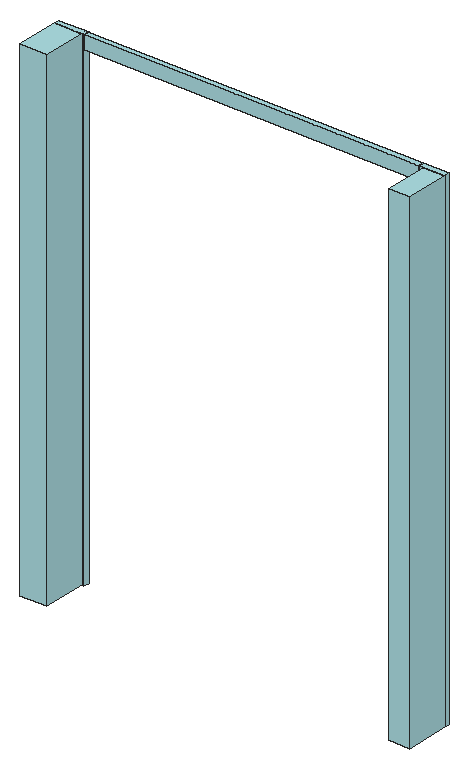
Revit family "Витраж_четверть_расшир. 2710", category Окна, Revit 2021
Family settings
  Основа = Стена
  Номер OmniClass = 23.30.20.00
  Заголовок OmniClass = Windows
  Всегда вертикально = Да
  При загрузке вырезать с полостями = Нет
  Общий = Нет
  Точка принадлежности помещению = Нет
Parameters (values of type "2710x3765")
  Четверь_ширина = 95 mm
  Четверь сверху_ширина = 75 mm
  Четверть_глубина [instance] = 60 mm
  Утепл_02_ширина_Справа = 270 mm
  Утепл_02_ширина = 225 mm
  Утепл_02_Отступ от внутреннего края = 90 mm
  Утепл_01_ширина_Справа = 290 mm
  Утепл_01_ширина = 260 mm
  Утепл_01_глубина = 40 mm
  Утепл_01_Смещение = 0 mm
  Утепл_01_Высота = 103 mm
  Проем_Ширина = 2900 mm
  Проем_Высота = 3690 mm
  Примерная ширина внутр проема = 2190 mm
  Rough Width = 2650 mm
  Rough Height = 3660 mm
  Поротерм_толщина = 250 mm
  Откос_толщина = 10 mm
  Определить тепловые свойства по = Тип схем
  Нащельник_справа = 240 mm
  Нащельник_глубина полки = 20 mm
  Нащельник_Ширина_полки = 28.5 mm
  Нащельник_Толщина = 2 mm
  Нащельник_Смещение_Сбоку = 210 mm
  Мат_Утепл_02 = BRU_Минераловатная плита ТехноБлок 80
  Мат_Утепл_01 = BRU_Минераловатная плита ТехноБлок 80
  Мат_Откос = Кирпич, бежевый
  Мат_Нащелник = none
  Группа модели = "Элемент фасада"
  Height = Rough Height + Утепл_01_Высота - Утепл_01_Смещение + Нащельник_Толщина  # 3765 mm
  Высота подоконника по умолчанию = 0 mm
  Замыкание стены = По основе
  Width = Rough Width + Утепл_02_ширина * 2  # 3100 mm
  Внутренний_проем_Ширина = 0 mm
  Вид_Откос = no
  Вид_Нащ_СО = Вид_Откос  # no
  Вид_Нащ_БО = not(Вид_Откос)  # yes
  Аналитическая конструкция = "<Нет>"
  ADSK_Толщина стены [instance] = 460 mm
  ADSK_Размер_Ширина = Примерная ширина внутр проема + (Утепл_02_ширина - Четверь_ширина) * 4  # 2710 mm
  ADSK_Размер_Высота = Height  # 3765 mm
Reference planes
  plane 1 "По центру (Вперед/Назад)": y = 0
  plane 2 "По центру (Влево/Вправо)": x = 0
  plane 3 "Слева": x = -1550
  plane 4 "Справа": x = 1550
  plane 5 "Подоконник": z = 0
  plane 6 "Заголовок": z = 3765
  plane 7 "Наружный": y = 230
  plane 8 "Внутренние": y = -230
  plane 9: x = -1455
  plane 10: x = 1455
  plane 11: z = 3690
  plane 12: y = 80
  plane 13: x = -1445
  plane 14: x = 1445
  plane 15: z = 3680
  plane 16: y = 290
  plane 17: x = 0
  plane 18: x = 0
  plane 19: y = -480
  plane 20: z = 3662
  plane 21: y = 230
  plane 22: y = -140
  plane 23 "Нащельник слева": x = 1340
  plane 24 "Нащельник справа": x = -1310
  plane 25: x = -1280
  plane 26: x = -1260
  plane 27: x = -1310
  plane 28: x = -1340
Forms (mm)
  Extrusion 1, void
    sketch origin (0, 230, 0) x (1, 0, 0) y (0, 0, 1)
      loop
        line (1485, 3765) -> (-1485, 3765) -> (-1485, 0) -> (1485, 0) -> (1485, 3765)
    from 0 to 460
  Extrusion 2, void
    sketch origin (0, 230, 0) x (1, 0, 0) y (0, 0, 1)
      loop
        line (1455, 3690) -> (-1455, 3690) -> (-1455, 0) -> (1455, 0) -> (1455, 3690)
    from -60 to 460
  Extrusion 3, solid, material "Кирпич, бежевый" <- "Мат_Откос", visible <- "Вид_Откос"
    sketch origin (0, 230, 0) x (1, 0, 0) y (0, 0, 1)
      loop
        line (1455, 3690) -> (-1455, 3690) -> (-1455, 0) -> (-1445, 0) -> (-1445, 3680) -> (1445, 3680) -> (1445, 0) -> (1455, 0) -> (1455, 3690)
    from -60 to 0
  Extrusion 4, solid, material "BRU_Минераловатная плита ТехноБлок 80" <- "Мат_Утепл_01"
    sketch origin (0, 0, 0) x (1, 0, 0) y (0, 1, 0)
      loop
        line (1290, 230) -> (1290, 190) -> (1485, 190) -> (1485, 230) -> (1290, 230)
      loop
        line (-1485, 230) -> (-1485, 190) -> (-1260, 190) -> (-1260, 230) -> (-1485, 230)
    from 0 to 3765
  Extrusion 5, solid, material "BRU_Минераловатная плита ТехноБлок 80" <- "Мат_Утепл_02"
    sketch origin (0, 0, 0) x (1, 0, 0) y (0, 1, 0)
      loop
        line (1325, 190) -> (1325, -140) -> (1485, -140) -> (1485, 190) -> (1325, 190)
      loop
        line (-1485, 190) -> (-1485, -140) -> (-1280, -140) -> (-1280, 190) -> (-1485, 190)
    from 0 to 3765
  Extrusion 6, solid, material "BRU_Минераловатная плита ТехноБлок 80" <- "Мат_Утепл_01"
    sketch origin (0, 0, 0) x (1, 0, 0) y (0, 1, 0)
      loop
        line (-1290, 190) -> (1290, 190) -> (1290, 230) -> (-1290, 230) -> (-1290, 190)
    from 3662 to 3765
  Sweep 7, solid, material <- "Мат_Нащелник", visible <- "Вид_Нащ_СО"
    path origin (0, 230, 0) x (1, 0, 0) y (0, 0, 1)
      loop
        line (1445, 0) -> (1445, 3680) -> (-1445, 3680) -> (-1445, 0)
    profile origin (1445, 230, 1840) x (-1, 0, 0) y (0, -1, 0)
      loop
        line (28.5, 0) -> (0, 0) -> (0, -20) -> (2, -20) -> (2, -2) -> (28.5, -2) -> (28.5, 0)
  Sweep 8, solid, material <- "Мат_Нащелник", visible <- "Вид_Нащ_БО"
    path origin (0, 230, 0) x (1, 0, 0) y (0, 0, 1)
      loop
        line (1340, 0) -> (1340, 3690) -> (-1310, 3690) -> (-1310, 0)
    profile origin (1340, 230, 1845) x (-1, 0, 0) y (0, -1, 0)
      loop
        line (0, 0) -> (0, -20) -> (2, -20) -> (2, -2) -> (28.5, -2) -> (28.5, 0) -> (0, 0)
  Extrusion 9, void
    sketch origin (0, 230, 0) x (1, 0, 0) y (0, 0, 1)
      loop
        line (1416.5, 3565) -> (1416.5, 3662) -> (-1416.5, 3662) -> (-1416.5, 3565) -> (1416.5, 3565)
    from -60 to 710
Cuts and joins
  Extrusion 9 cuts Sweep 7
  Extrusion 9 cuts Sweep 8
Text (mm)
  text "Наружный" at (-1963.203, 1332.353, 0), in view "Опорный уровень"
  text "Внутренние" at (-1981.466, -818.386, 0), in view "Опорный уровень"
  text "Наружный" at (0, 701.548, 2943.296), in view "Справа"
  text "Наружный" at (0, 1241.896, 2685.409), in view "Слева"
Dimensions and locks
  equal spacing: plane 3 "Слева", plane 2 "По центру (Влево/Вправо)", plane 4 "Справа"
  "Width": plane 3 "Слева" to plane 4 "Справа"
  "Height": plane 5 "Подоконник" to plane 6 "Заголовок"
  "Высота подоконника по умолчанию": plane 5 "Подоконник" to level
  locked: plane 7 "Наружный" to host wall
  locked: plane 8 "Внутренние" to host wall
  "Четверь_ширина": plane 3 "Слева" to plane 9
  "Четверь_ширина": plane 10 to plane 4 "Справа"
  "Четверь сверху_ширина": plane 11 to plane 6 "Заголовок"
  "Четверть_глубина": plane 7 "Наружный" to plane 16
  "Откос_толщина": plane 14 to plane 10
  "Откос_толщина": plane 9 to plane 13
  "Откос_толщина": plane 15 to plane 11
  "ADSK_Толщина стены": plane 8 "Внутренние" to plane 7 "Наружный"
  equal spacing: plane 17, plane 2 "По центру (Влево/Вправо)", plane 18
  "Поротерм_толщина": plane 19 to plane 8 "Внутренние"
  "Утепл_01_глубина": Extrusion 4 sketch curve to plane 21  (x2)
  "Утепл_01_ширина": Extrusion 4 sketch curve to plane 4 "Справа"
  "Утепл_01_глубина": Extrusion 5 sketch curve to plane 21  (x2)
  "Утепл_02_ширина": Extrusion 5 sketch curve to plane 4 "Справа"
  "Утепл_01_ширина": plane 3 "Слева" to Extrusion 6 sketch curve
  "Утепл_01_ширина": Extrusion 6 sketch curve to plane 4 "Справа"
  "Утепл_01_глубина": Extrusion 6 sketch curve to plane 21
  "Утепл_01_Высота": plane 20 to plane 6 "Заголовок"
  "Утепл_01_Смещение": plane 21 to plane 7 "Наружный"
  "Нащельник_Толщина": Sweep 7 sketch curve to plane 21
  "Нащельник_Толщина": Sweep 7 sketch curve to profile plane
  "Нащельник_Ширина_полки": Sweep 7 sketch curve to profile plane
  "Нащельник_глубина полки": Sweep 7 sketch curve to plane 21
  "Нащельник_Ширина_полки": Extrusion 9 sketch curve to plane 14
  "Нащельник_Ширина_полки": plane 13 to Extrusion 9 sketch curve
  locked: Extrusion 9 sketch curve to plane 6 "Заголовок" at 200
  "Утепл_02_Отступ от внутреннего края": plane 8 "Внутренние" to plane 22
  "Внутренний_проем_Ширина": plane 17 to plane 18
  Extrusion 5 to Extrusion 5 = 2970 mm  (x3)
  plane 3 "Слева" to Extrusion 5 = 65 mm
  Extrusion 5 to plane 4 "Справа" = 65 mm
  Extrusion 5 to Extrusion 5 = 2605 mm
  Extrusion 5 to Extrusion 2 to Extrusion 5 = 30 mm, 175 mm
  "Нащельник_Смещение_Сбоку": plane 23 "Нащельник слева" to plane 4 "Справа"
  "Нащельник_справа": plane 3 "Слева" to plane 24 "Нащельник справа"
  "Нащельник_Толщина": Sweep 8 sketch curve to plane 23 "Нащельник слева"
  "Нащельник_Ширина_полки": Sweep 8 sketch curve to plane 23 "Нащельник слева"
  "Нащельник_Толщина": profile plane to Sweep 8 sketch curve
  "Нащельник_глубина полки": profile plane to Sweep 8 sketch curve
  "Утепл_02_ширина_Справа": plane 3 "Слева" to Extrusion 5 sketch curve
  "Утепл_01_ширина_Справа": plane 3 "Слева" to Extrusion 4 sketch curve
  "Проем_Высота": nested 1 to Extrusion 3
  nested 1 to plane 2 "По центру (Влево/Вправо)" to nested 1 = 1340 mm, 1340 mm
  aligned and locked: Extrusion 1 sketch curve to plane 6 "Заголовок"
  aligned and locked: plane 5 "Подоконник" to Extrusion 1 sketch curve
  aligned and locked: Extrusion 2 sketch curve to plane 11
  aligned and locked: Extrusion 2 sketch curve to plane 10
  aligned and locked: plane 5 "Подоконник" to Extrusion 2 sketch curve
  aligned and locked: Extrusion 2 sketch curve to plane 9
  aligned and locked: plane 8 "Внутренние" to Extrusion 2
  aligned and locked: Extrusion 3 sketch curve to plane 11
  aligned and locked: Extrusion 3 sketch curve to plane 10
  aligned and locked: Extrusion 3 sketch curve to plane 9
  aligned and locked: Extrusion 3 sketch curve to plane 15
  aligned and locked: Extrusion 3 sketch curve to plane 13
  aligned and locked: Extrusion 3 sketch curve to plane 14
  aligned and locked: plane 5 "Подоконник" to Extrusion 3 sketch curve
  aligned and locked: Extrusion 3 to plane 16
  aligned and locked: Extrusion 2 to Extrusion 3
  aligned and locked: plane 5 "Подоконник" to Extrusion 4
  aligned and locked: plane 5 "Подоконник" to Extrusion 5
  aligned and locked: Extrusion 5 to plane 6 "Заголовок"
  aligned and locked: Extrusion 4 to plane 6 "Заголовок"
  aligned and locked: Extrusion 6 to plane 6 "Заголовок"
  aligned and locked: Extrusion 6 to plane 20
  aligned and locked: Extrusion 4 sketch curve to plane 21
  aligned and locked: plane 21 to Extrusion 4 sketch curve
  aligned and locked: Extrusion 6 sketch curve to plane 21
  aligned and locked: Extrusion 3 to Extrusion 4
  aligned and locked: plane 14 to Sweep 7 sketch curve
  aligned and locked: Sweep 7 sketch curve to plane 13
  aligned and locked: plane 5 "Подоконник" to Sweep 7 sketch curve  (x2)
  aligned and locked: Sweep 7 sketch curve to plane 15
  aligned and locked: profile plane to Sweep 7 sketch curve
  aligned and locked: plane 21 to Sweep 7 sketch curve
  aligned and locked: plane 5 "Подоконник" to Sweep 8 sketch curve  (x2)
  aligned and locked: Extrusion 9 sketch curve to plane 20
  aligned and locked: Extrusion 9 to plane 19
  aligned and locked: Extrusion 9 to plane 16
  aligned and locked: plane 22 to Extrusion 5 sketch curve  (x2)
  aligned and locked: plane 23 "Нащельник слева" to Sweep 8 sketch curve
  aligned and locked: Sweep 8 sketch curve to plane 24 "Нащельник справа"
  aligned and locked: Sweep 8 sketch curve to plane 11
Automatic sketch dimensions
  Extrusion 3 sketch curve to plane 5 "Подоконник" = 0 mm
  Extrusion 1 sketch curve to plane 10 = 30 mm
  plane 9 to Extrusion 1 sketch curve = 30 mm
  plane 9 to Extrusion 4 sketch curve = 30 mm
  Extrusion 4 sketch curve to plane 10 = 30 mm
  plane 9 to Extrusion 5 sketch curve = 30 mm
  Extrusion 5 sketch curve to plane 10 = 30 mm
  plane 7 "Наружный" to Sweep 8 sketch curve = 0 mm
  Sweep 8 sketch curve to profile plane = 0 mm
Nested families
  nested 1: "Обозначение проема" at (0, 230, 1845) x (-1, 0, 0) z (0, -1, 0), type "Обозначение проема"
    with Ширина 3690 mm, Высота 2680 mm
Definition of nested family "Обозначение проема"
  Parameters (values of type "Обозначение проема")
    Ширина [instance] = 1800 mm
    Высота [instance] = 1400 mm
  Reference planes
    plane 1 "По центру (Вперед/Назад)": y = 0
    plane 2: z = 0
    plane 3 "По центру (Влево/Вправо)": x = 0
    plane 4: y = 900
    plane 5: x = -700
    plane 6: x = 700
    plane 7: y = -900
  Lines and regions (mm)
    Filled region 1, type "Сплошная заливка - Серый", in view "Опорный уровень", detail levels coarse
      outline origin (0, 0, 0) x (1, 0, 0) y (0, 1, 0)
        loop
          line (-700, 900) -> (454.333, 633.501) -> (700, -900) -> (700, 900) -> (-700, 900)
    Masking region 1, in view "Опорный уровень", detail levels coarse
      outline origin (0, 0, 0) x (1, 0, 0) y (0, 1, 0)
        loop
          line (-700, 900) -> (-700, -900) -> (700, -900) -> (454.333, 633.501) -> (-700, 900)
  Dimensions and locks
    equal spacing: plane 5, plane 3 "По центру (Влево/Вправо)", plane 6
    equal spacing: plane 4, plane 1 "По центру (Вперед/Назад)", plane 7
    "Высота": plane 5 to plane 6
    "Ширина": plane 4 to plane 7
    aligned and locked: Filled region 1 sketch curve to plane 4
    aligned and locked: Filled region 1 sketch curve to plane 6
    aligned and locked: plane 5 to Filled region 1 sketch curve
    aligned and locked: plane 7 to Filled region 1 sketch curve
    aligned and locked: Masking region 1 sketch curve to plane 5
    aligned and locked: Masking region 1 sketch curve to plane 7
    aligned and locked: Masking region 1 sketch curve to Filled region 1  (x2)
  Automatic sketch dimensions
    Filled region 1 sketch curve to plane 6 = 245.667 mm
    Filled region 1 sketch curve to plane 4 = 266.499 mm
